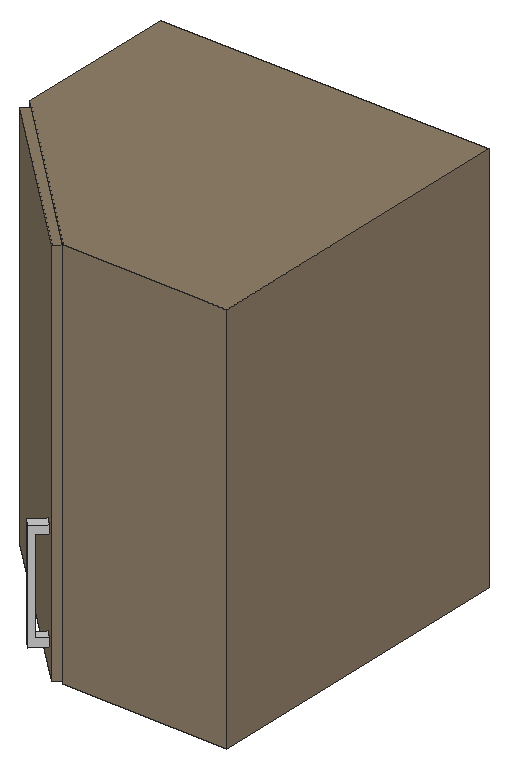
Revit family "Кухня верхний угловой модуль", category Мебель, Revit 2019
Family settings
  Номер OmniClass = 23.40.20.00
  Заголовок OmniClass = General Furniture and Specialties
  На основе рабочей плоскости = Нет
  Всегда вертикально = Да
  При загрузке вырезать с полостями = Нет
  Общий = Нет
  Точка расчета площади = Нет
Parameters
  Ручка справа = yes
  Ручка слева = not(Ручка справа)  # no
  Материал корпус = Материал корпус кухни
  Изготовитель = "Литвинчук Артур"
  Высота [instance] = 720 mm
  URL = "lytvynchukartur@gmail.com"
Reference planes
  plane 1 "По центру (Вперед/Назад)": y = 0
  plane 2: z = 0
  plane 3 "По центру (Влево/Вправо)": x = 0
  plane 4: z = 1460
  plane 5: z = 2180
  plane 6: z = 2175
Forms (mm)
  Extrusion 1, solid, material "Материал корпус кухни" <- "Материал корпус"
    sketch origin (0, 0, 0) x (1, 0, 0) y (0, 1, 0)
      loop
        line (0, 0) -> (0, -300) -> (300, -600) -> (600, -600) -> (600, 0) -> (0, 0)
    from 1460 to 2180
  Extrusion 2, solid, material "Материал корпус кухни" <- "Материал корпус"
    sketch origin (2516.78, -3099.622, 0) x (0.707107, -0.707107, 0) y (0.707107, 0.707107, 0)
      loop
        line (-3749.264, 200) -> (-3749.264, 185) -> (-3345, 185) -> (-3345, 200) -> (-3749.264, 200)
    from 1460 to 2175
  Extrusion 3, solid, material "Материал ручка кухни", visible <- "Ручка справа"
    sketch origin (1928.984, -1451.166, 1925) x (0, 0, 1) y (0.707107, 0.707107, 0)
      loop
        line (-425, -565) -> (-425, -595) -> (-225, -595) -> (-225, -565) -> (-240, -565) -> (-240, -585) -> (-410, -585) -> (-410, -565) -> (-425, -565)
    from 1793.731 to 1813.731
  Extrusion 4, solid, material "Материал ручка кухни", visible <- "Ручка слева"
    sketch origin (1699.695, -1221.877, 1925) x (0, 0, 1) y (0.707107, 0.707107, 0)
      loop
        line (-425, -565) -> (-425, -595) -> (-225, -595) -> (-225, -565) -> (-240, -565) -> (-240, -585) -> (-410, -585) -> (-410, -565) -> (-425, -565)
    from 1793.731 to 1813.731
  Extrusion 5, solid, material "Материал ручка кухни", visible <- "Ручка справа", not visible
    sketch origin (1922.585, -58.165, 1925) x (0, 0, 1) y (0, 1, 0)
      loop
        line (-425, -565) -> (-425, -595) -> (-225, -595) -> (-225, -565) -> (-240, -565) -> (-240, -585) -> (-410, -585) -> (-410, -565) -> (-425, -565)
    from 1793.731 to 1813.731
  Extrusion 6, solid, material "Материал ручка кухни", visible <- "Ручка слева", not visible
    sketch origin (1872.585, -58.165, 1925) x (0, 0, 1) y (0, 1, 0)
      loop
        line (-425, -565) -> (-425, -595) -> (-225, -595) -> (-225, -565) -> (-240, -565) -> (-240, -585) -> (-410, -585) -> (-410, -565) -> (-425, -565)
    from 1793.731 to 1813.731
Dimensions and locks
  locked: plane 4 to level at 1460
  "Высота": plane 5 to plane 4
  locked: plane 5 to plane 6 at 5
  aligned and locked: level to plane 2
  aligned and locked: Extrusion 2 to Extrusion 1
  aligned and locked: plane 5 to Extrusion 1
  aligned and locked: Extrusion 1 to plane 4
  aligned and locked: plane 6 to Extrusion 2
Automatic sketch dimensions
  Extrusion 1 sketch curve to plane 3 "По центру (Влево/Вправо)" = 0 mm
  plane 1 "По центру (Вперед/Назад)" to Extrusion 1 sketch curve = 0 mm
  plane 3 "По центру (Влево/Вправо)" to Extrusion 1 sketch curve = 300 mm
  plane 3 "По центру (Влево/Вправо)" to Extrusion 1 sketch curve = 600 mm
  plane 1 "По центру (Вперед/Назад)" to Extrusion 1 sketch curve = 300 mm
  plane 1 "По центру (Вперед/Назад)" to Extrusion 1 sketch curve = 600 mm
  Extrusion 2 sketch curve to plane 3 "По центру (Влево/Вправо)" = 3.536 mm
  plane 1 "По центру (Вперед/Назад)" to Extrusion 2 sketch curve = 317.678 mm
  Extrusion 2 sketch curve to Extrusion 2 sketch curve = 404.264 mm
  Extrusion 2 sketch curve to Extrusion 2 sketch curve = 15 mm
  Extrusion 3 sketch curve to Extrusion 3 sketch curve = 15 mm  (x2)
  Extrusion 3 sketch curve to Extrusion 3 sketch curve = 170 mm
  Extrusion 3 sketch curve to Extrusion 3 sketch curve = 10 mm
  Extrusion 3 sketch curve to Extrusion 3 sketch curve = 20 mm  (x2)
  Extrusion 4 sketch curve to Extrusion 4 sketch curve = 15 mm  (x2)
  Extrusion 4 sketch curve to Extrusion 4 sketch curve = 170 mm
  Extrusion 4 sketch curve to Extrusion 4 sketch curve = 10 mm
  Extrusion 4 sketch curve to Extrusion 4 sketch curve = 20 mm  (x2)
  Extrusion 5 sketch curve to Extrusion 5 sketch curve = 15 mm  (x2)
  Extrusion 5 sketch curve to Extrusion 5 sketch curve = 170 mm
  Extrusion 5 sketch curve to Extrusion 5 sketch curve = 10 mm
  Extrusion 5 sketch curve to Extrusion 5 sketch curve = 20 mm  (x2)
  Extrusion 6 sketch curve to Extrusion 6 sketch curve = 15 mm  (x2)
  Extrusion 6 sketch curve to Extrusion 6 sketch curve = 170 mm
  Extrusion 6 sketch curve to Extrusion 6 sketch curve = 10 mm
  Extrusion 6 sketch curve to Extrusion 6 sketch curve = 20 mm  (x2)
